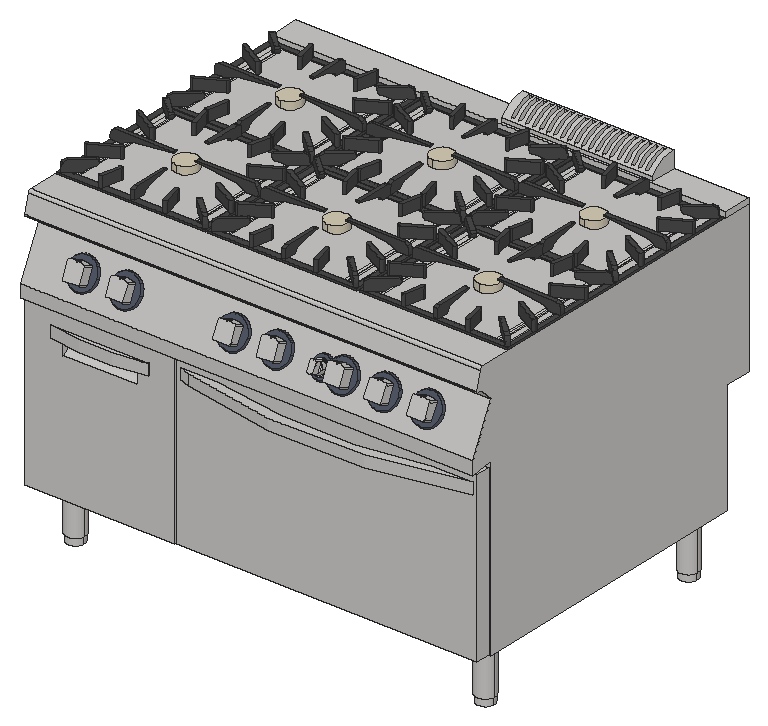
Revit family "QF_ZANUSSI_392014_Z9GCGL6S1M", category Specialty Equipment, Revit 2018 (continued)
Definition of nested family "QF_392014_BURNER"
  Lines and regions (mm)
    symbolic lines
      curve 110: line (106.634, -7.524, 0) -> (117.816, -55.96, 0)
      curve 111: arc (117.816, -55.96, 0) -> (123.813, -59.708, 0) -> (127.56, -53.711, 0) r 5
  Dimensions and locks
    equal spacing: plane 3 "LEFT", plane 7 "Center Y", plane 4 "RIGHT"
    plane 3 "LEFT" to plane 4 "RIGHT" = 393.7 mm
    equal spacing: plane 5 "FRONT", plane 8 "Center X", plane 1 "BACK"
    plane 5 "FRONT" to plane 1 "BACK" = 355.6 mm
    plane 6 "TOP" to level = 908.85 mm
    plane 9 "Base" to level = 150 mm
    plane 6 "TOP" to plane 10 = 58 mm  (x2)
    locked: Extrusion 4 sketch curve to plane 7 "Center Y" at 0
    aligned and locked: level to plane 2
  Automatic sketch dimensions
    curve 10 to plane 4 "RIGHT" = 0 mm
    curve 20 to plane 7 "Center Y" = 0 mm
    curve 19 to plane 7 "Center Y" = 0 mm
    curve 9 to plane 3 "LEFT" = 0 mm
    plane 1 "BACK" to curve 2 = 0 mm
    plane 1 "BACK" to curve 3 = 0 mm
    plane 5 "FRONT" to curve 2 = 0 mm
    curve 4 to plane 4 "RIGHT" = 24.067 mm
    curve 59 to plane 4 "RIGHT" = 24.067 mm
    plane 1 "BACK" to curve 37 = 15 mm
    plane 7 "Center Y" to curve 37 = 52.075 mm
    curve 37 to curve 7 = 12.7 mm
    curve 7 to curve 35 = 6.35 mm
    plane 8 "Center X" to curve 15 = 2.35 mm
    curve 35 to curve 15 = 1.6 mm
    plane 7 "Center Y" to curve 23 = 16.236 mm
    curve 23 to curve 23 = 0 mm
    curve 23 to curve 23 = 2.56 mm
    curve 23 to curve 24 = 4.607 mm
    plane 7 "Center Y" to curve 86 = 5 mm
    plane 7 "Center Y" to curve 27 = 5 mm
    curve 22 to plane 7 "Center Y" = 8.531 mm
    curve 22 to curve 25 = 4.597 mm
    curve 25 to curve 25 = 2.194 mm  (x2)
    curve 9 to plane 8 "Center X" = 2.597 mm
    curve 17 to curve 9 = 24.626 mm
    curve 21 to curve 34 = 28.025 mm
    curve 34 to curve 6 = 6.35 mm
    plane 8 "Center X" to curve 36 = 7.403 mm
    curve 6 to curve 36 = 12.7 mm
    plane 3 "LEFT" to curve 12 = 45.799 mm
    plane 3 "LEFT" to curve 87 = 24.067 mm
    plane 3 "LEFT" to curve 5 = 24.067 mm
    plane 1 "BACK" to curve 26 = 0.794 mm
    curve 28 to curve 86 = 3.993 mm
    curve 28 to curve 21 = 3.993 mm
    curve 86 to curve 22 = 14.042 mm
    curve 22 to curve 24 = 0.81 mm
    curve 22 to curve 23 = 17.925 mm
    curve 25 to curve 22 = 3.035 mm
    plane 8 "Center X" to curve 26 = 43.244 mm
    curve 15 to curve 15 = 5.054 mm
    plane 8 "Center X" to curve 17 = 1.126 mm
    curve 94 to curve 12 = 5.286 mm
    curve 58 to plane 5 "FRONT" = 15 mm
    curve 59 to plane 5 "FRONT" = 15 mm
    curve 8 to plane 5 "FRONT" = 5.6 mm
    plane 3 "LEFT" to Extrusion 1 sketch curve = 0.709 mm
    plane 3 "LEFT" to Extrusion 1 sketch curve = 3.327 mm
    Extrusion 1 sketch curve to Extrusion 1 sketch curve = 10.201 mm
    plane 10 to Extrusion 1 sketch curve = 5 mm  (x2)
    Extrusion 1 sketch curve to Extrusion 1 sketch curve = 29.447 mm
    Extrusion 1 sketch curve to Extrusion 1 sketch curve = 12.704 mm  (x2)
    Extrusion 1 sketch curve to Extrusion 1 sketch curve = 15.555 mm  (x2)
    plane 3 "LEFT" to Extrusion 1 sketch curve = 79.689 mm
    Extrusion 1 sketch curve to plane 7 "Center Y" = 30.161 mm
    Extrusion 1 sketch curve to Extrusion 1 sketch curve = 0.167 mm  (x2)
    plane 7 "Center Y" to Extrusion 1 sketch curve = 29.994 mm
    Extrusion 1 sketch curve to plane 4 "RIGHT" = 79.689 mm
    plane 10 to Extrusion 1 sketch curve = 18.171 mm
    Extrusion 1 sketch curve to plane 4 "RIGHT" = 58.415 mm
    Extrusion 1 sketch curve to plane 4 "RIGHT" = 13.528 mm
    Extrusion 1 sketch curve to plane 4 "RIGHT" = 3.327 mm
    Extrusion 1 sketch curve to plane 4 "RIGHT" = 0.709 mm
    Extrusion 1 sketch curve to Extrusion 1 sketch curve = 23.902 mm  (x2)
    Extrusion 1 sketch curve to plane 6 "TOP" = 26.807 mm  (x2)
    Extrusion 1 sketch curve to Extrusion 1 sketch curve = 1.185 mm  (x2)
    Extrusion 1 sketch curve to Extrusion 1 sketch curve = 5.694 mm
    Extrusion 2 sketch curve to plane 1 "BACK" = 0 mm
    plane 1 "BACK" to Extrusion 2 sketch curve = 10.213 mm
    plane 10 to Extrusion 2 sketch curve = 5 mm  (x2)
    plane 1 "BACK" to Extrusion 2 sketch curve = 29.066 mm
    plane 10 to Extrusion 2 sketch curve = 20.886 mm
    Extrusion 2 sketch curve to Extrusion 2 sketch curve = 22.688 mm  (x2)
    Extrusion 2 sketch curve to plane 10 = 7.392 mm  (x2)
    Extrusion 2 sketch curve to plane 6 "TOP" = 24.425 mm
    Extrusion 2 sketch curve to Extrusion 2 sketch curve = 51.752 mm
    Extrusion 2 sketch curve to plane 6 "TOP" = 26.807 mm  (x2)
    Extrusion 2 sketch curve to Extrusion 2 sketch curve = 0.167 mm  (x2)
    Extrusion 2 sketch curve to plane 8 "Center X" = 68.528 mm
    Extrusion 2 sketch curve to plane 5 "FRONT" = 60.248 mm
    Extrusion 2 sketch curve to Extrusion 2 sketch curve = 2.895 mm
    Extrusion 2 sketch curve to plane 5 "FRONT" = 15.813 mm
    Extrusion 2 sketch curve to plane 5 "FRONT" = 5.6 mm
    Extrusion 2 sketch curve to Extrusion 2 sketch curve = 4.731 mm
    Extrusion 2 sketch curve to Extrusion 2 sketch curve = 23.844 mm
    Extrusion 2 sketch curve to Extrusion 2 sketch curve = 1.185 mm
    plane 1 "BACK" to Extrusion 3 sketch curve = 0 mm
    Extrusion 3 sketch curve to plane 3 "LEFT" = 0 mm
    plane 5 "FRONT" to Extrusion 3 sketch curve = 0 mm
    Extrusion 3 sketch curve to plane 4 "RIGHT" = 0 mm
    plane 1 "BACK" to Extrusion 3 sketch curve = 15 mm
    Extrusion 3 sketch curve to plane 5 "FRONT" = 15 mm
    plane 3 "LEFT" to Extrusion 3 sketch curve = 15 mm
    Extrusion 3 sketch curve to plane 4 "RIGHT" = 15 mm
    Extrusion 3 to Extrusion 4 sketch curve = 159.603 mm
    Extrusion 5 sketch curve to plane 10 = 0 mm
    plane 3 "LEFT" to Extrusion 5 sketch curve = 15 mm
    Extrusion 5 sketch curve to Extrusion 5 sketch curve = 14.402 mm
    plane 10 to Extrusion 5 sketch curve = 5 mm
    Extrusion 5 sketch curve to Extrusion 5 sketch curve = 15.156 mm
    plane 10 to Extrusion 5 sketch curve = 2.933 mm  (x3)
    Extrusion 5 sketch curve to Extrusion 5 sketch curve = 7.716 mm  (x2)
    Extrusion 5 sketch curve to Extrusion 5 sketch curve = 0 mm  (x3)
    Extrusion 5 sketch curve to Extrusion 5 sketch curve = 1.692 mm  (x2)
    Extrusion 5 sketch curve to Extrusion 5 sketch curve = 3.385 mm  (x2)
    Extrusion 5 sketch curve to plane 10 = 3.559 mm  (x2)
    plane 10 to Extrusion 5 sketch curve = 3.679 mm
    Extrusion 5 sketch curve to plane 4 "RIGHT" = 45.799 mm
    Extrusion 5 sketch curve to Extrusion 5 sketch curve = 1.143 mm
    Extrusion 5 sketch curve to plane 10 = 13.244 mm
    Extrusion 5 sketch curve to plane 4 "RIGHT" = 15 mm
    plane 10 to Extrusion 6 sketch curve = 5 mm  (x2)
    Extrusion 6 sketch curve to Extrusion 6 sketch curve = 2.692 mm  (x2)
    Extrusion 6 sketch curve to Extrusion 6 sketch curve = 10.213 mm  (x2)
    plane 10 to Extrusion 6 sketch curve = 12.281 mm
    Extrusion 6 sketch curve to Extrusion 6 sketch curve = 29.348 mm  (x2)
    Extrusion 6 sketch curve to Extrusion 6 sketch curve = 3.155 mm  (x2)
    Extrusion 6 sketch curve to Extrusion 6 sketch curve = 22.572 mm
    Extrusion 6 sketch curve to Extrusion 6 sketch curve = 8.81 mm
    Extrusion 6 sketch curve to Extrusion 6 sketch curve = 9.845 mm  (x2)
    Extrusion 6 sketch curve to Extrusion 6 sketch curve = 3.99 mm  (x2)
    Extrusion 6 sketch curve to Extrusion 6 sketch curve = 0 mm  (x2)
    Extrusion 6 sketch curve to Extrusion 6 sketch curve = 49.533 mm
    Extrusion 6 sketch curve to plane 10 = 64.377 mm
    Extrusion 6 sketch curve to Extrusion 6 sketch curve = 326.397 mm
    Extrusion 6 sketch curve to plane 6 "TOP" = 28.141 mm
    Extrusion 6 sketch curve to Extrusion 6 sketch curve = 16.281 mm
    Extrusion 6 sketch curve to Extrusion 6 sketch curve = 1.035 mm
    Extrusion 6 sketch curve to Extrusion 6 sketch curve = 19.417 mm
    Extrusion 6 sketch curve to Extrusion 6 sketch curve = 4.763 mm  (x2)
    Extrusion 6 sketch curve to Extrusion 6 sketch curve = 3.716 mm
    plane 10 to Extrusion 7 sketch curve = 5 mm  (x2)
    Extrusion 7 sketch curve to Extrusion 7 sketch curve = 2.692 mm  (x2)
    Extrusion 7 sketch curve to Extrusion 7 sketch curve = 10.213 mm  (x2)
    plane 10 to Extrusion 7 sketch curve = 12.281 mm
    Extrusion 7 sketch curve to Extrusion 7 sketch curve = 29.348 mm  (x2)
    Extrusion 7 sketch curve to Extrusion 7 sketch curve = 3.155 mm  (x2)
    Extrusion 7 sketch curve to Extrusion 7 sketch curve = 22.572 mm
    Extrusion 7 sketch curve to Extrusion 7 sketch curve = 8.81 mm
    Extrusion 7 sketch curve to Extrusion 7 sketch curve = 9.845 mm  (x2)
    Extrusion 7 sketch curve to Extrusion 7 sketch curve = 3.99 mm  (x2)
    Extrusion 7 sketch curve to Extrusion 7 sketch curve = 0 mm  (x2)
    Extrusion 7 sketch curve to Extrusion 7 sketch curve = 21.306 mm
    Extrusion 7 sketch curve to plane 10 = 64.377 mm  (x2)
    Extrusion 7 sketch curve to Extrusion 7 sketch curve = 326.397 mm
    Extrusion 7 sketch curve to plane 6 "TOP" = 28.141 mm
    Extrusion 7 sketch curve to Extrusion 7 sketch curve = 16.281 mm
    Extrusion 7 sketch curve to Extrusion 7 sketch curve = 1.035 mm
    Extrusion 7 sketch curve to Extrusion 7 sketch curve = 19.417 mm
    Extrusion 7 sketch curve to Extrusion 7 sketch curve = 7.281 mm
    Extrusion 7 sketch curve to Extrusion 7 sketch curve = 10.713 mm
    curve 58 to curve 12 = 72.824 mm
    curve 30 to curve 30 = 73.227 mm
    curve 58 to curve 5 = 10.263 mm
    curve 5 to curve 58 = 0 mm
    curve 59 to curve 30 = 10.263 mm
    curve 30 to curve 8 = 9.4 mm
    curve 31 to curve 32 = 0 mm
    curve 33 to curve 38 = 0 mm  (x2)
    curve 33 to curve 39 = 0 mm  (x2)
    curve 33 to curve 40 = 0 mm  (x2)
    plane 1 "BACK" to curve 41 = 0 mm
    curve 41 to plane 3 "LEFT" = 0 mm
    curve 31 to plane 7 "Center Y" = 0 mm
    curve 33 to plane 7 "Center Y" = 0 mm
    curve 41 to plane 4 "RIGHT" = 0 mm
    plane 3 "LEFT" to curve 76 = 1.326 mm
    plane 3 "LEFT" to curve 64 = 1.326 mm
    plane 3 "LEFT" to curve 44 = 2.995 mm
    plane 3 "LEFT" to curve 46 = 2.995 mm
    curve 43 to curve 43 = 2.408 mm
    curve 46 to curve 47 = 2.408 mm
    curve 47 to curve 47 = 2.408 mm
    curve 43 to curve 42 = 2.408 mm
    curve 76 to plane 5 "FRONT" = 0.514 mm
    plane 3 "LEFT" to curve 76 = 8.029 mm
    plane 1 "BACK" to curve 62 = 0.514 mm
    plane 3 "LEFT" to curve 62 = 8.029 mm
    curve 48 to curve 75 = 50.941 mm
    curve 43 to curve 63 = 50.941 mm
    curve 75 to curve 75 = 3.351 mm
    curve 63 to curve 63 = 3.351 mm
    plane 1 "BACK" to curve 62 = 52.383 mm
    curve 63 to curve 62 = 3.351 mm
    curve 74 to plane 5 "FRONT" = 52.383 mm
    curve 75 to curve 74 = 3.351 mm
    plane 3 "LEFT" to curve 46 = 65.629 mm
    plane 3 "LEFT" to curve 44 = 65.629 mm
    curve 45 to curve 45 = 2.408 mm
    curve 46 to curve 49 = 2.408 mm
    curve 49 to curve 48 = 2.408 mm
    curve 45 to curve 42 = 2.408 mm
    curve 38 to plane 8 "Center X" = 2.597 mm
    curve 38 to plane 7 "Center Y" = 51.172 mm
    curve 33 to plane 8 "Center X" = 2.597 mm
    curve 38 to curve 33 = 12.999 mm
    curve 33 to plane 7 "Center Y" = 5 mm
    curve 38 to plane 7 "Center Y" = 5 mm
    curve 31 to curve 33 = 0 mm
    plane 7 "Center Y" to curve 32 = 5 mm
    plane 7 "Center Y" to curve 40 = 5 mm
    curve 39 to curve 32 = 0 mm
    curve 39 to plane 8 "Center X" = 2.597 mm
    plane 7 "Center Y" to curve 39 = 38.172 mm
    curve 40 to plane 8 "Center X" = 2.704 mm
    curve 39 to curve 40 = 12.979 mm
    curve 50 to plane 4 "RIGHT" = 70.445 mm
    curve 57 to plane 4 "RIGHT" = 70.445 mm
    curve 50 to curve 53 = 2.408 mm
    curve 57 to curve 57 = 2.408 mm  (x2)
    curve 53 to curve 53 = 2.408 mm
    curve 71 to curve 71 = 3.351 mm
    curve 67 to curve 67 = 3.351 mm
    curve 71 to curve 69 = 3.351 mm
    curve 67 to curve 65 = 3.351 mm
    curve 60 to plane 4 "RIGHT" = 15 mm
    curve 72 to plane 5 "FRONT" = 0.514 mm
    curve 72 to plane 4 "RIGHT" = 8.029 mm
    plane 1 "BACK" to curve 68 = 0.514 mm
    curve 68 to plane 4 "RIGHT" = 8.029 mm
    curve 50 to plane 4 "RIGHT" = 7.81 mm
    curve 55 to plane 4 "RIGHT" = 7.81 mm
    curve 55 to curve 55 = 2.408 mm
    curve 50 to curve 51 = 2.408 mm
    curve 55 to plane 4 "RIGHT" = 2.995 mm
    curve 51 to plane 4 "RIGHT" = 2.995 mm
    curve 69 to plane 4 "RIGHT" = 1.326 mm
    curve 65 to plane 4 "RIGHT" = 1.326 mm
    curve 72 to plane 5 "FRONT" = 7.935 mm
    curve 60 to plane 5 "FRONT" = 20.286 mm
    curve 71 to curve 56 = 27.93 mm
    curve 73 to curve 48 = 27.93 mm
    curve 47 to curve 47 = 4.382 mm
    curve 55 to curve 55 = 4.382 mm
    curve 56 to plane 8 "Center X" = 55.651 mm
    curve 48 to plane 8 "Center X" = 55.651 mm
    curve 57 to curve 57 = 4.382 mm
    curve 49 to curve 49 = 4.382 mm
    curve 40 to plane 8 "Center X" = 44.773 mm
    curve 39 to curve 32 = 4.818 mm
    plane 8 "Center X" to curve 31 = 2.403 mm
    plane 8 "Center X" to curve 45 = 46.886 mm
    plane 8 "Center X" to curve 52 = 46.886 mm
    curve 53 to curve 53 = 4.382 mm
    curve 45 to curve 45 = 4.382 mm
    curve 53 to curve 52 = 34.416 mm
    curve 44 to curve 61 = 36.694 mm
    curve 43 to curve 43 = 4.382 mm
    curve 51 to curve 51 = 4.382 mm
    curve 51 to curve 65 = 27.93 mm
    plane 1 "BACK" to curve 83 = 20.286 mm
    plane 1 "BACK" to curve 88 = 15 mm
    plane 1 "BACK" to curve 77 = 15 mm
    curve 77 to curve 83 = 30.799 mm
    curve 78 to plane 5 "FRONT" = 15 mm
    curve 80 to curve 71 = 7.989 mm
    curve 78 to curve 60 = 30.799 mm
    curve 78 to curve 80 = 13.475 mm
    curve 55 to curve 79 = 10.979 mm
    curve 82 to curve 57 = 6.514 mm
    curve 80 to curve 78 = 0 mm
    curve 80 to curve 82 = 11.41 mm
    curve 77 to curve 66 = 37.77 mm
    curve 60 to curve 79 = 11.41 mm
    plane 8 "Center X" to curve 81 = 7.403 mm
    plane 8 "Center X" to curve 84 = 7.403 mm
    curve 82 to plane 8 "Center X" = 2.597 mm
    curve 82 to curve 84 = 0 mm
    curve 79 to plane 8 "Center X" = 2.597 mm
    curve 79 to curve 81 = 0 mm
    curve 81 to curve 51 = 10.979 mm
    curve 53 to curve 85 = 17.924 mm
    curve 84 to curve 81 = 30.799 mm
    curve 84 to curve 85 = 11.41 mm
    curve 52 to curve 84 = 19.83 mm
    curve 81 to curve 83 = 11.41 mm
    curve 67 to curve 85 = 7.989 mm
    curve 85 to curve 77 = 0 mm
    curve 85 to curve 77 = 13.475 mm
    curve 86 to curve 37 = 26.152 mm
    curve 4 to curve 86 = 10.263 mm
    curve 86 to curve 4 = 0 mm
    curve 36 to curve 21 = 26.152 mm
    curve 88 to curve 88 = 25 mm
    plane 8 "Center X" to curve 89 = 69.193 mm
    curve 43 to curve 90 = 9.597 mm
    curve 43 to curve 90 = 0.432 mm
    plane 1 "BACK" to curve 90 = 20.286 mm
    curve 93 to plane 8 "Center X" = 2.597 mm
    plane 8 "Center X" to curve 91 = 7.403 mm
    curve 95 to plane 8 "Center X" = 69.193 mm
    curve 93 to curve 94 = 28.333 mm
    curve 95 to curve 12 = 33.104 mm
    curve 21 to curve 87 = 10.263 mm
    curve 87 to curve 21 = 0 mm
    curve 91 to curve 90 = 11.41 mm
    curve 89 to curve 87 = 21.732 mm
    curve 89 to curve 92 = 11.41 mm
    curve 92 to curve 89 = 0 mm
    plane 8 "Center X" to curve 92 = 7.403 mm
    curve 91 to curve 90 = 0 mm
    curve 93 to curve 95 = 0 mm
    curve 93 to curve 95 = 11.41 mm
    curve 11 to curve 94 = 0 mm
    curve 11 to curve 94 = 11.41 mm
    curve 95 to curve 11 = 30.799 mm
    curve 95 to curve 12 = 13.475 mm
    plane 3 "LEFT" to curve 95 = 45.799 mm
    curve 95 to curve 5 = 33.104 mm
    Extrusion 8 sketch curve to Extrusion 3 = 5.275 mm  (x2)
    Extrusion 8 sketch curve to Extrusion 8 sketch curve = 1.125 mm  (x16)
    Extrusion 3 to Extrusion 8 sketch curve = 38.711 mm  (x2)
    Extrusion 8 sketch curve to Extrusion 3 = 7.19 mm  (x3)
    Extrusion 3 to Extrusion 8 sketch curve = 72.734 mm  (x2)
    Extrusion 8 sketch curve to Extrusion 8 sketch curve = 4.382 mm  (x16)
    Extrusion 8 sketch curve to Extrusion 3 = 2.995 mm  (x4)
    Extrusion 8 sketch curve to Extrusion 8 sketch curve = 34.416 mm  (x4)
    Extrusion 3 to Extrusion 8 sketch curve = 50.629 mm  (x3)
    Extrusion 8 sketch curve to Extrusion 8 sketch curve = 93.773 mm  (x2)
    Extrusion 3 to Extrusion 8 sketch curve = 40.96 mm  (x2)
    Extrusion 8 sketch curve to Extrusion 3 = 7.476 mm  (x2)
    Extrusion 8 sketch curve to Extrusion 8 sketch curve = 2.408 mm  (x4)
    Extrusion 3 to Extrusion 8 sketch curve = 91.634 mm  (x2)
    Extrusion 8 sketch curve to Extrusion 8 sketch curve = 4.872 mm  (x8)
    Extrusion 8 sketch curve to Extrusion 8 sketch curve = 11.182 mm  (x4)
    Extrusion 3 to Extrusion 8 sketch curve = 112.56 mm
    Extrusion 8 sketch curve to Extrusion 8 sketch curve = 61.931 mm
    Extrusion 3 to Extrusion 8 sketch curve = 55.445 mm
    Extrusion 8 sketch curve to Extrusion 8 sketch curve = 4.816 mm
    curve 67 to curve 85 = 19.656 mm
    curve 71 to curve 80 = 19.656 mm
    curve 99 to plane 5 "FRONT" = 7.524 mm
    curve 74 to curve 99 = 41.179 mm
    curve 98 to curve 99 = 4.872 mm
    curve 96 to plane 5 "FRONT" = 5.275 mm
    curve 99 to curve 96 = 4.872 mm
    curve 99 to curve 98 = 11.182 mm
    curve 98 to curve 97 = 4.872 mm
    curve 96 to plane 5 "FRONT" = 53.711 mm
    curve 97 to curve 96 = 4.872 mm
    curve 97 to curve 97 = 1.125 mm
    curve 103 to curve 70 = 62.105 mm
    curve 103 to curve 103 = 4.872 mm  (x2)
    curve 100 to plane 5 "FRONT" = 5.275 mm
    curve 100 to curve 100 = 11.182 mm
    curve 101 to curve 101 = 4.872 mm
    curve 102 to plane 5 "FRONT" = 7.524 mm
    curve 101 to curve 102 = 4.872 mm
    curve 100 to curve 100 = 48.436 mm
    curve 103 to curve 103 = 1.125 mm
    curve 106 to curve 67 = 62.105 mm
    curve 107 to curve 107 = 4.872 mm
    plane 1 "BACK" to curve 104 = 55.96 mm
    curve 107 to curve 104 = 4.872 mm
    plane 1 "BACK" to curve 105 = 5.275 mm
    curve 107 to curve 105 = 11.182 mm
    curve 105 to curve 105 = 4.872 mm  (x2)
    curve 107 to curve 107 = 1.125 mm
    plane 1 "BACK" to curve 104 = 7.524 mm
    plane 1 "BACK" to curve 109 = 7.524 mm
    curve 62 to curve 109 = 41.179 mm
    curve 109 to curve 109 = 4.872 mm
    plane 1 "BACK" to curve 108 = 5.275 mm
    curve 109 to curve 108 = 4.872 mm
    curve 110 to curve 111 = 11.182 mm
    curve 110 to curve 111 = 4.872 mm
    plane 1 "BACK" to curve 108 = 53.711 mm
    curve 111 to curve 108 = 4.872 mm
    curve 111 to curve 108 = 2.25 mm
    radius of Extrusion 4 sketch curve = 30 mm
